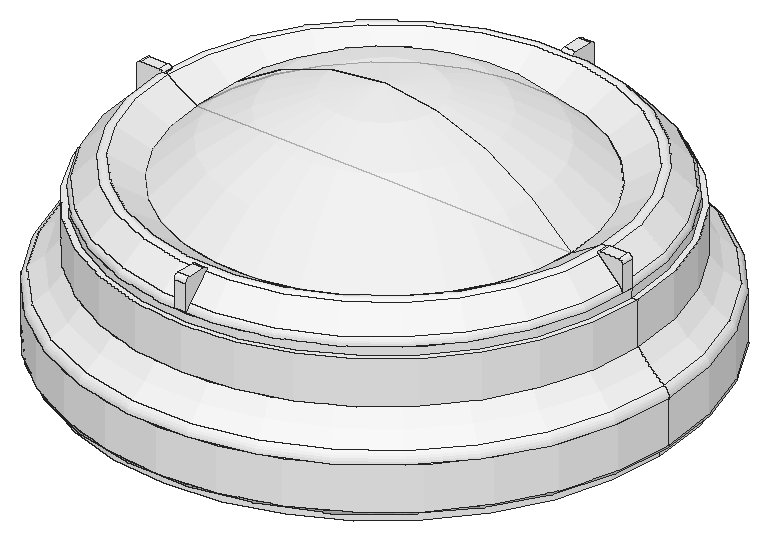
Revit family "2102A_HBA_WASP", category Communication Devices, host Face, Revit 2021
Family settings
  Host = Face
  Maintain Annotation Orientation = No
  Round Connector Dimension = Use Diameter
  Part Type = Normal
  OmniClass Number = 23.85.80.11.27
  OmniClass Title = Lighting Controls
  Cut with Voids When Loaded = No
  Shared = Yes
  Room Calculation Point = No
Parameters
  Width = 4.00"
  Warranty = "5-Years Warranty"  # constant formula
  Type Comments = "Occupancy Sensors and Controllers"  # constant formula
  Product Page URL = ""
  Product Documentation Link = ""
  URL = "https://www.currentlighting.com/nxlightingcontrols"
  Power Requirements = "Line Voltage sensors: 120/277/347VAC, 208/240VAC, 480VAC, 60 Hz\r\nLow Voltage sensors: 24VDC (uses UVPP or MP-Series power pack – not included)"  # constant formula
  Model = "Dimming WASP"  # constant formula
  Manufacturer = " NX Lighting Controls"  # constant formula
  Sensing Element = Glass -  White
  Features = "Digital Passive Infrared (PIR) sensor \r\nSupported mounting heights: \r\nHigh mount lens: 30 ft (9.14m) outdoors; 45 ft (13.72m) indoors\r\nLow mount lens: 16 ft (4.88m) indoors/outdoors \r\nControls 0-10V dimmable ballasts \r\nUser controlled dimming presets \r\nDaylight sensor for daylight harvesting applications \r\nEnd mount and surface mount versions \r\nInterchangeable high/low area detection lens options \r\nLow voltage and line voltage models available \r\nLow temperature/water-tight/indoor-outdoor versions \r\nWithstands low temperature and conforms to IP65 water-tight standards \r\nUL and cUL listed\r\nFive-year limited warranty\r\n"  # constant formula
  Description = "The Dimming WASP Indoor/Outdoor Occupancy Sensor is\r\nspecifically designed to provide 0-10V (Class 1) control of\r\ndimmable fixtures. Easy to use dip switches allow the user to\r\nset unoccupied and occupied dimming levels. The sensor is\r\navailable in end mount and surface mount versions in both\r\nline and low voltage options. Interchangeable twist-on lenses\r\neliminate need for field masking. All Dimming WASP sensors\r\nfeature a daylight sensor for On/Off control of fixtures when\r\nthere is sufficient natural light."  # constant formula
  Default Elevation = 48.00"
  Coverage = "360°, 180°, Aisle, Half Aisle"
  Copyright = "Copyright ©  NX Lighting Controls"  # constant formula
  Contact Us = ""
  Housing Material = Paint -  Matte White
  Certifications = "Conforms to UL STD 508, UL STD 244A\r\nLWO version conforms to IP65"
  Assembly Code = "D5090"
Reference planes (in)
  plane 1 "Center (Front/Back)": y = 10.63342
  plane 2: z = 0
  plane 3 "Center (Left/Right)": x = 0
  plane 4: x = -2
  plane 5: x = 2
  plane 6: y = 12.63342
  plane 7: y = 8.63342
  plane 8: through (0.87749, -180, 1.95871) normal (0.7071, 0, 0.7071)
  plane 9: z = 1.5
Forms (in)
  Revolve 1, solid, material "Paint -  Matte White" <- "Housing Material"
    sketch origin (0, 10.63342, 0) x (1, 0, 0) y (0, 0, 1)
      loop
        line (0, 0) -> (1.93821, 0) -> (1.93821, 0.06683) -> (1.97955, 0.06683)
        arc (1.97955, 0.06683) -> (1.99401, 0.07282) -> (2, 0.08728) r 0.02045
        line (2, 0.08728) -> (2, 0.38388)
        arc (2, 0.38388) -> (1.99014, 0.42292) -> (1.96293, 0.4526) r 0.08223
        arc (1.96293, 0.4526) -> (1.8637, 0.53245) -> (1.78157, 0.6298) r 0.66286
        line (1.78157, 0.6298) -> (1.78157, 0.92962) -> (0, 0.92962) -> (0, 0)
      axis (0, 0.92962) -> (0, 0)
    angle from 0 to 360
  Revolve 2, solid, material "Paint -  Matte White" <- "Housing Material"
    sketch origin (0, 10.63342, 0) x (1, 0, 0) y (0, 0, 1)
      loop
        line (0, 0.92962) -> (1.74219, 0.92962) -> (1.74219, 0.98265)
        arc (1.74219, 0.98265) -> (1.73675, 1.01) -> (1.72125, 1.03319) r 0.07147
        line (1.72125, 1.03319) -> (1.5804, 1.17404)
        arc (1.5804, 1.17404) -> (1.55312, 1.1875) -> (1.52328, 1.18156) r 0.04732
        line (1.52328, 1.18156) -> (1.31627, 1.06204) -> (0, 1.06204) -> (0, 0.92962)
      axis (0, 1.18156) -> (0, 0.92962)
    angle from 0 to 360
  Revolve 3, solid, material "Glass -  White" <- "Sensing Element"
    sketch origin (0, 10.63342, 0) x (1, 0, 0) y (0, 0, 1)
      loop
        line (0, 1.05919) -> (1.31627, 1.05919)
        arc (1.31627, 1.05919) -> (0.72014, 1.49838) -> (0, 1.67058) r 1.86237
        line (0, 1.67058) -> (0, 1.05919)
      axis (0, 1.67058) -> (0, 1.05919)
    angle from 0 to 360
  Extrusion 4, solid, material "Paint -  Matte White" <- "Housing Material"
    sketch origin (0, 10.63342, 0) x (1, 0, 0) y (0, 0, 1)
      loop
        arc (1.74157, 1.16813) -> (1.73241, 1.19025) -> (1.71028, 1.19941) r 0.03129
        line (1.71028, 1.19941) -> (1.5858, 1.19941)
        arc (1.5858, 1.19941) -> (1.56688, 1.19348) -> (1.55474, 1.17781) r 0.03314
        line (1.55474, 1.17781) -> (1.74157, 0.99097) -> (1.74157, 1.16813)
    from 0.08 to 0
  Extrusion 5, solid, material "Paint -  Matte White" <- "Housing Material"
    sketch origin (0, 10.63342, 0) x (0, -1, 0) y (0, 0, 1)
      loop
        arc (1.74157, 1.16813) -> (1.73241, 1.19025) -> (1.71028, 1.19941) r 0.03129
        line (1.71028, 1.19941) -> (1.5858, 1.19941)
        arc (1.5858, 1.19941) -> (1.56688, 1.19348) -> (1.55474, 1.17781) r 0.03314
        line (1.55474, 1.17781) -> (1.74157, 0.99097) -> (1.74157, 1.16813)
    from 0.08 to 0
  Extrusion 6, solid, material "Paint -  Matte White" <- "Housing Material"
    sketch origin (0, 10.63342, 0) x (-1, 0, 0) y (0, 0, 1)
      loop
        arc (1.74157, 1.16813) -> (1.73241, 1.19025) -> (1.71028, 1.19941) r 0.03129
        line (1.71028, 1.19941) -> (1.5858, 1.19941)
        arc (1.5858, 1.19941) -> (1.56688, 1.19348) -> (1.55474, 1.17781) r 0.03314
        line (1.55474, 1.17781) -> (1.74157, 0.99097) -> (1.74157, 1.16813)
    from 0.08 to 0
  Extrusion 7, solid, material "Paint -  Matte White" <- "Housing Material"
    sketch origin (0, 10.63342, 0) x (0, 1, 0) y (0, 0, 1)
      loop
        arc (1.74157, 1.16813) -> (1.73241, 1.19025) -> (1.71028, 1.19941) r 0.03129
        line (1.71028, 1.19941) -> (1.5858, 1.19941)
        arc (1.5858, 1.19941) -> (1.56688, 1.19348) -> (1.55474, 1.17781) r 0.03314
        line (1.55474, 1.17781) -> (1.74157, 0.99097) -> (1.74157, 1.16813)
    from 0.08 to 0
Dimensions and locks (in)
  "Width": plane 4 to plane 5
  "Width": plane 7 to plane 6
  equal spacing: plane 4, plane 3 "Center (Left/Right)", plane 5
  equal spacing: plane 7, plane 1 "Center (Front/Back)", plane 6
  plane 9 to plane 2 = 1.50"
  plane 4 to plane 5 = 4.00"
  aligned and locked: plane 2 to host face
  aligned and locked: level to host face
Automatic sketch dimensions
  host sketch curve to host sketch curve = 96.00"  (x2)
  Revolve 2 sketch curve to plane 3 "Center (Left/Right)" = 0.00"  (x2)
  Revolve 2 sketch curve to plane 5 = 0.68373"
  Revolve 2 sketch curve to Revolve 2 sketch curve = 0.20701"
  Revolve 2 sketch curve to Revolve 2 sketch curve = 0.02366"
  Revolve 2 sketch curve to Revolve 2 sketch curve = 0.03346"  (x2)
  Revolve 2 sketch curve to Revolve 2 sketch curve = 0.12378"
  Revolve 2 sketch curve to Revolve 2 sketch curve = 0.05054"
  Revolve 2 sketch curve to Revolve 2 sketch curve = 0.07147"
  plane 9 to Revolve 2 sketch curve = 0.57038"
  Revolve 2 sketch curve to Revolve 2 sketch curve = 0.05302"
  Revolve 2 sketch curve to Revolve 2 sketch curve = 0.13242"
  Revolve 2 sketch curve to Revolve 2 sketch curve = 0.15794"
  Revolve 2 sketch curve to level = 0.4412"
  Revolve 2 sketch curve to plane 9 = 0.66233"
  Revolve 1 sketch curve to plane 3 "Center (Left/Right)" = 0.00"  (x2)
  Revolve 1 sketch curve to level = 0.00"
  Revolve 1 sketch curve to plane 5 = 0.00"
  Revolve 1 sketch curve to plane 5 = 0.21843"
  Revolve 1 sketch curve to plane 5 = 0.08223"
  Revolve 1 sketch curve to plane 5 = 0.06179"
  Revolve 1 sketch curve to plane 5 = 0.02045"
  plane 5 to Revolve 1 sketch curve = 0.32694"
  level to Revolve 1 sketch curve = 0.06683"
  Revolve 1 sketch curve to Revolve 1 sketch curve = 0.2966"
  Revolve 1 sketch curve to Revolve 1 sketch curve = 0.24592"
  plane 9 to Revolve 1 sketch curve = 0.57038"
  plane 9 to Revolve 1 sketch curve = 0.49344"
  Revolve 1 sketch curve to Revolve 1 sketch curve = 1.25"
  Revolve 1 sketch curve to plane 9 = 2.25"
  Revolve 3 sketch curve to plane 3 "Center (Left/Right)" = 0.00"  (x2)
  Revolve 3 sketch curve to plane 3 "Center (Left/Right)" = 0.0644"
  Revolve 3 sketch curve to level = 0.19068"
  plane 9 to Revolve 3 sketch curve = 0.44081"
  Revolve 3 sketch curve to Revolve 3 sketch curve = 0.2765"
  Revolve 3 sketch curve to plane 9 = 0.17058"
  Revolve 3 sketch curve to Revolve 3 sketch curve = 0.11212"
  Extrusion 4 sketch curve to Extrusion 4 sketch curve = 0.12448"
  Extrusion 4 sketch curve to Extrusion 4 sketch curve = 0.03107"
  Extrusion 4 sketch curve to Extrusion 4 sketch curve = 0.0216"
  Extrusion 4 sketch curve to Extrusion 4 sketch curve = 0.00185"
  Extrusion 4 sketch curve to plane 5 = 0.44526"
  plane 9 to Extrusion 4 sketch curve = 0.50903"
  Extrusion 4 sketch curve to Extrusion 4 sketch curve = 0.1753"
  Extrusion 5 sketch curve to plane 7 = 0.44526"
  Extrusion 5 sketch curve to Extrusion 5 sketch curve = 0.03107"
  Extrusion 5 sketch curve to Extrusion 5 sketch curve = 0.12448"
  Extrusion 5 sketch curve to Extrusion 5 sketch curve = 0.03129"
  plane 9 to Extrusion 5 sketch curve = 0.50903"
  Extrusion 5 sketch curve to Extrusion 5 sketch curve = 0.1753"
  Extrusion 5 sketch curve to Extrusion 5 sketch curve = 0.00185"
  plane 4 to Extrusion 6 sketch curve = 0.44526"
  Extrusion 6 sketch curve to Extrusion 6 sketch curve = 0.03107"
  Extrusion 6 sketch curve to Extrusion 6 sketch curve = 0.12448"
  Extrusion 6 sketch curve to Extrusion 6 sketch curve = 0.03129"
  plane 9 to Extrusion 6 sketch curve = 0.50903"
  Extrusion 6 sketch curve to Extrusion 6 sketch curve = 0.1753"
  Extrusion 6 sketch curve to Extrusion 6 sketch curve = 0.00185"
  plane 6 to Extrusion 7 sketch curve = 0.44526"
  Extrusion 7 sketch curve to Extrusion 7 sketch curve = 0.03107"
  Extrusion 7 sketch curve to Extrusion 7 sketch curve = 0.12448"
  Extrusion 7 sketch curve to Extrusion 7 sketch curve = 0.03129"
  plane 9 to Extrusion 7 sketch curve = 0.50903"
  Extrusion 7 sketch curve to Extrusion 7 sketch curve = 0.1753"
  Extrusion 7 sketch curve to Extrusion 7 sketch curve = 0.00185"
Connectors (in)
  electrical at (0, 10.63342, 0)
    settings: on Revolve 1, index 1, voltage 0 V, apparent load 0 VA, apparent load phase1 0 VA, apparent load phase2 0 VA, apparent load phase3 0 VA, power factor 1, load classification "Other", number of poles 1, system type 13, power factor state 1, is connector primary yes, connector utility no, sub classification motor no, connector description "Occupancy Sensors and Controller"
